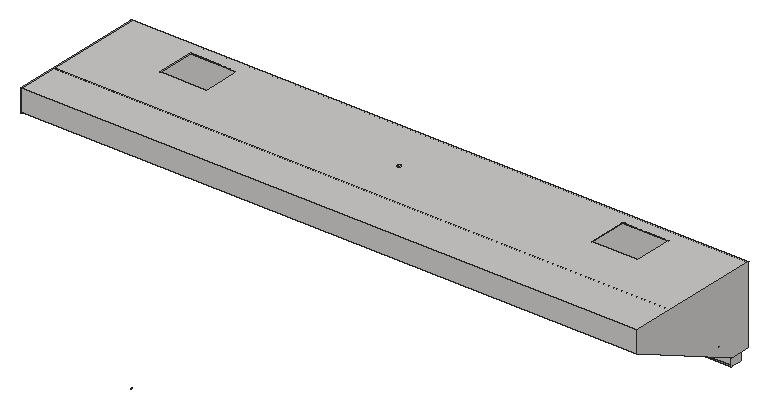
Revit family "QF_ELECTROLUXPROFESSIONAL_644190_AMPV940BT", category Specialty Equipment, Revit 2014
Reference planes
  plane 1: z = 0
  plane 2 "Center (Left/Right)": x = 150
  plane 3 "LEFT": x = -1850
  plane 4 "RIGHT": x = 2150
  plane 5 "BACK": y = 550
  plane 6 "Plane": z = 2000
  plane 7 "TOP": z = 2140
  plane 8 "Base": z = 1640
  plane 9: z = 1566
  plane 10 "DrainY": y = 485
  plane 11: x = -1847
  plane 12: through (0, 414.509, 1640.8) normal (0, 0.7314, 0.682)
  plane 13: y = 470
  plane 14: y = 220
  plane 15 "DrainX": x = 2030
  plane 16: x = -1100
  plane 17: x = 1400
  plane 18: x = -1400
  plane 19: x = 1700
  plane 20: x = 2147
  plane 21: x = 1940
  plane 22: x = 2120
  plane 23: x = -1810
  plane 24: x = -1445
  plane 25: x = -1050
  plane 26: x = 2110
  plane 27: x = 1745
  plane 28: x = 1350
  plane 29: x = -47.5
  plane 30: x = 347.5
  plane 31: y = 100
  plane 32: y = -350
Forms (mm)
  Extrusion 1, solid, material "QF_Finishes_Stainless Steel"
    sketch origin (-1850, 0, 0) x (0, 1, 0) y (0, 0, 1)
      loop
        line (550, 1640) -> (550, 2140) -> (-350, 2140) -> (-350, 1999.112) -> (413.973, 1640) -> (550, 1640)
    from 0 to 3
  Extrusion 2, solid, material "QF_Finishes_Stainless Steel"
    sketch origin (150, 0, 0) x (0, 1, 0) y (0, 0, 1)
      loop
        line (415.255, 1640) -> (550, 1640) -> (550, 2139.19) -> (549.2, 2139.19) -> (549.2, 1640.8) -> (415.876, 1640.8) -> (339.347, 1722.867) -> (349.609, 1732.436) -> (348.927, 1733.167) -> (337.934, 1722.917) -> (415.255, 1640)
      loop
        line (-82.203, 2139.19) -> (-82.203, 2118.6) -> (-31.047, 2118.6) -> (34.354, 2048.466) -> (46.028, 2059.352) -> (45.346, 2060.083) -> (34.403, 2049.879) -> (-30.612, 2119.6) -> (-81.203, 2119.6) -> (-81.203, 2139.19) -> (-82.203, 2139.19)
    from -1997 to 1997
  Extrusion 3, solid, material "QF_Finishes_Stainless Steel"
    sketch origin (2150, 0, 0) x (0, 1, 0) y (0, 0, 1)
      loop
        line (550, 1640) -> (550, 2140) -> (-350, 2140) -> (-350, 1999.112) -> (413.973, 1640) -> (550, 1640)
    from 0 to -3
  Extrusion 4, solid, material "QF_Finishes_Stainless Steel"
    sketch origin (150, 0, 0) x (0, 1, 0) y (0, 0, 1)
      loop
        line (-350, 2140) -> (-350, 2000) -> (-349.2, 2000) -> (-349.2, 2139.19) -> (550, 2139.19) -> (550, 2140) -> (-350, 2140)
    from -2000 to 2000
  Extrusion 5, solid, material "QF_Finishes_Stainless Steel"
    sketch origin (150, 0, 0) x (0, 1, 0) y (0, 0, 1)
      loop
        line (534, 1640) -> (436, 1640) -> (436, 1627) -> (443.5, 1627) -> (443.5, 1576)
        arc (443.5, 1576) -> (446.429, 1568.929) -> (453.5, 1566) r 10
        line (453.5, 1566) -> (516.5, 1566)
        arc (516.5, 1566) -> (523.571, 1568.929) -> (526.5, 1576) r 10
        line (526.5, 1576) -> (526.5, 1627) -> (534, 1627) -> (534, 1640)
    from 1790 to 1970
  Extrusion 6, solid, material "QF_Finishes_Stainless Steel"
    sketch origin (0, 0, 1640) x (0, 1, 0) y (-1, 0, 0)
      loop
        circle (485, -2030) r 20
    from -76 to -74
  Extrusion 7, solid, material "QF_Finished_Chrome"
    sketch origin (150, 0, 0) x (0, 1, 0) y (0, 0, 1)
      loop
        line (337.934, 1722.917) -> (341.591, 1726.327) -> (38.011, 2051.876) -> (34.354, 2048.466) -> (337.934, 1722.917)
    from -1595 to -1960
  Extrusion 8, solid, material "QF_Finished_Chrome"
    sketch origin (150, 0, 0) x (0, 1, 0) y (0, 0, 1)
      loop
        line (337.934, 1722.917) -> (341.591, 1726.327) -> (38.011, 2051.876) -> (34.354, 2048.466) -> (337.934, 1722.917)
    from -197.5 to -1200
  Extrusion 9, solid, material "QF_Finishes_Stainless Steel"
    sketch origin (150, 0, 0) x (0, 1, 0) y (0, 0, 1)
      loop
        line (337.934, 1722.917) -> (341.591, 1726.327) -> (38.011, 2051.876) -> (34.354, 2048.466) -> (337.934, 1722.917)
    from 1997 to 1960
  Extrusion 10, solid, material "QF_Finishes_Stainless Steel"
    sketch origin (150, 0, 0) x (0, 1, 0) y (0, 0, 1)
      loop
        line (341.588, 1726.324) -> (38.009, 2051.874) -> (34.354, 2048.466) -> (337.934, 1722.917) -> (341.588, 1726.324)
    from -1595 to -1200
  Extrusion 11, solid, material "QF_Finished_Chrome"
    sketch origin (150, 0, 0) x (0, 1, 0) y (0, 0, 1)
      loop
        line (341.588, 1726.324) -> (38.009, 2051.874) -> (34.354, 2048.466) -> (337.934, 1722.917) -> (341.588, 1726.324)
    from 1595 to 1960
  Extrusion 12, void
    sketch origin (0, 0, 2140) x (0, 1, 0) y (-1, 0, 0)
      loop
        line (470, 1400) -> (220, 1400) -> (220, 1100) -> (470, 1100) -> (470, 1400)
    from 0 to -10
  Extrusion 13, void
    sketch origin (940, 0, 2140) x (0, 1, 0) y (-1, 0, 0)
      loop
        line (470, -460) -> (220, -460) -> (220, -760) -> (470, -760) -> (470, -460)
    from 0 to -10
  Extrusion 14, solid, material "QF_Finishes_Stainless Steel"
    sketch origin (0, 0, 0) x (1, 0, 0) y (0, 1, 0)
      loop
        line (-1850, 550) -> (-1850, 549) -> (-1849, 549) -> (-1849, 550) -> (-1850, 550)
    from 0 to 1
  Extrusion 15, solid, material "QF_Finishes_Stainless Steel"
    sketch origin (150, 0, 0) x (0, 1, 0) y (0, 0, 1)
      loop
        line (337.934, 1722.917) -> (341.591, 1726.327) -> (38.011, 2051.876) -> (34.354, 2048.466) -> (337.934, 1722.917)
    from -1960 to -1997
  Extrusion 16, solid, material "QF_Finishes_Stainless Steel"
    sketch origin (150, 0, 0) x (0, 1, 0) y (0, 0, -1)
      loop
        line (341.588, -1726.324) -> (337.934, -1722.917) -> (34.354, -2048.466) -> (38.009, -2051.874) -> (341.588, -1726.324)
    from -1595 to -1200
  Extrusion 17, solid, material "QF_Finished_Chrome"
    sketch origin (150, 0, 0) x (0, 1, 0) y (0, 0, 1)
      loop
        line (337.934, 1722.917) -> (341.591, 1726.327) -> (38.011, 2051.876) -> (34.354, 2048.466) -> (337.934, 1722.917)
    from 1200 to 197.5
  Extrusion 18, solid, material "QF_Finishes_Stainless Steel"
    sketch origin (150, 0, 0) x (0, 1, 0) y (0, 0, -1)
      loop
        line (341.588, -1726.324) -> (337.934, -1722.917) -> (34.354, -2048.466) -> (38.009, -2051.874) -> (341.588, -1726.324)
    from -197.5 to 197.5
  Extrusion 19, solid, material "QF_Finishes_Stainless Steel"
    sketch origin (0, 0, 2140) x (0, 1, 0) y (-1, 0, 0)
      loop
        circle (220, -150) r 10
    from 0 to 1.6
Cuts and joins
  Extrusion 12, Extrusion 13 cuts Extrusion 4
  joined: Extrusion 2, Extrusion 4
Lines and regions (mm)
  reference lines
    curve 1: line (150, 34.354, 2048.466) -> (150, 34.354, 1888.466)
  symbolic lines, style "SpecialityEquipment", detail levels coarse
    curve 2: line (2150, 550, 2140) -> (-1850, 550, 2140)
    curve 3: line (-1850, 550, 2140) -> (-1850, -350, 2140)
    curve 4: line (2150, -350, 2140) -> (2150, 550, 2140)
    curve 5: line (-1850, -350, 2140) -> (2150, -350, 2140)
    curve 6: line (-1400, 220, 2140) -> (-1100, 220, 2140)
    curve 7: line (-1400, 470, 2140) -> (-1400, 220, 2140)
    curve 8: line (-1100, 470, 2140) -> (-1400, 470, 2140)
    curve 9: line (-1100, 220, 2140) -> (-1100, 470, 2140)
    curve 10: line (1400, 470, 2140) -> (1400, 220, 2140)
    curve 11: line (1400, 220, 2140) -> (1700, 220, 2140)
    curve 12: line (1700, 470, 2140) -> (1400, 470, 2140)
    curve 13: line (1700, 220, 2140) -> (1700, 470, 2140)
  symbolic lines, detail levels coarse
    curve 14: line (-1850, -350, 0) -> (2150, 550, 0)
    curve 15: line (-1850, 550, 0) -> (2150, -350, 0)
Dimensions and locks
  plane 3 "LEFT" to plane 4 "RIGHT" = 4000 mm
  equal spacing: plane 3 "LEFT", plane 2 "Center (Left/Right)", plane 4 "RIGHT"
  locked: plane 6 "Plane" to level at 2000
  plane 7 "TOP" to plane 6 "Plane" = 140 mm
  locked: plane 7 "TOP" to plane 8 "Base" at 500
  plane 8 "Base" to plane 9 = 74 mm
  plane 5 "BACK" to plane 10 "DrainY" = 65 mm  (x2)
  plane 3 "LEFT" to plane 11 = 3 mm
  plane 5 "BACK" to plane 13 = 80 mm
  plane 13 to plane 14 = 250 mm  (x2)
  plane 15 "DrainX" to plane 4 "RIGHT" = 120 mm
  locked: plane 16 to plane 17 at 2500
  equal spacing: plane 16, plane 2 "Center (Left/Right)", plane 17
  plane 18 to plane 16 = 300 mm
  plane 17 to plane 19 = 300 mm
  plane 20 to plane 4 "RIGHT" = 3 mm
  locked: plane 21 to plane 15 "DrainX" at 90
  locked: plane 15 "DrainX" to plane 22 at 90
  plane 13 to plane 5 "BACK" = 80 mm
  locked: plane 3 "LEFT" to plane 23 at 40
  locked: plane 23 to plane 24 at 365
  locked: plane 24 to plane 25 at 395
  locked: plane 26 to plane 27 at 365
  locked: plane 27 to plane 28 at 395
  locked: plane 26 to plane 4 "RIGHT" at 40
  locked: plane 29 to plane 30 at 395
  equal spacing: plane 29, plane 2 "Center (Left/Right)", plane 30
  plane 25 to plane 29 = 1002.5 mm
  plane 30 to plane 28 = 1002.5 mm
  plane 5 "BACK" to plane 32 = 900 mm  (x2)
  equal spacing: plane 5 "BACK", plane 31, plane 32
  aligned and locked: level to plane 1
  aligned and locked: Extrusion 2 to Extrusion 1
  aligned and locked: Extrusion 2 to Extrusion 3
  aligned and locked: plane 4 "RIGHT" to Extrusion 4
  aligned and locked: Extrusion 4 to plane 3 "LEFT"
  aligned and locked: plane 20 to Extrusion 9
  aligned and locked: plane 18 to Extrusion 12
  aligned and locked: Extrusion 12 to plane 16
  aligned and locked: Extrusion 12 to plane 14
  aligned and locked: Extrusion 12 to plane 13
  aligned and locked: Extrusion 13 to plane 19
  aligned and locked: plane 17 to Extrusion 13
  aligned and locked: Extrusion 2 to Extrusion 4
  aligned and locked: plane 22 to Extrusion 5
  aligned and locked: Extrusion 5 to plane 21
  aligned and locked: Extrusion 9 to plane 26
  aligned and locked: Extrusion 11 to plane 26
  aligned and locked: Extrusion 11 to plane 27
  aligned and locked: Extrusion 8 to plane 25
  aligned and locked: plane 25 to Extrusion 10
  aligned and locked: Extrusion 10 to plane 24
  aligned and locked: plane 24 to Extrusion 7
  aligned and locked: Extrusion 7 to plane 23
  aligned and locked: Extrusion 15 to plane 11
  aligned and locked: plane 23 to Extrusion 15
  aligned and locked: Extrusion 16 to plane 28
  aligned and locked: Extrusion 16 to plane 27
  aligned and locked: Extrusion 3 to plane 20
  aligned and locked: plane 29 to Extrusion 8
  aligned and locked: Extrusion 17 to plane 28
  aligned and locked: Extrusion 17 to plane 30
  aligned and locked: plane 30 to Extrusion 18
  aligned and locked: Extrusion 18 to plane 29
Automatic sketch dimensions
  curve 5 to plane 3 "LEFT" = 0 mm
  curve 9 to plane 14 = 0 mm
  curve 10 to plane 14 = 0 mm
  plane 13 to curve 8 = 0 mm
  plane 13 to curve 12 = 0 mm
  curve 3 to plane 5 "BACK" = 0 mm
  curve 5 to plane 4 "RIGHT" = 0 mm
  curve 11 to plane 19 = 0 mm
  curve 10 to plane 17 = 0 mm
  curve 6 to plane 16 = 0 mm
  curve 6 to plane 18 = 0 mm
  Extrusion 2 sketch curve to plane 12 = 0 mm  (x3)
  Extrusion 2 sketch curve to plane 8 "Base" = 0 mm
  plane 12 to Extrusion 2 sketch curve = 0 mm
  Extrusion 2 sketch curve to plane 5 "BACK" = 0 mm
  Extrusion 2 sketch curve to Extrusion 2 sketch curve = 65.646 mm
  Extrusion 2 sketch curve to Extrusion 2 sketch curve = 0.682 mm  (x2)
  Extrusion 2 sketch curve to Extrusion 2 sketch curve = 10.261 mm
  plane 8 "Base" to Extrusion 2 sketch curve = 82.917 mm
  Extrusion 2 sketch curve to Extrusion 2 sketch curve = 10.942 mm
  Extrusion 2 sketch curve to Extrusion 2 sketch curve = 0.049 mm
  Extrusion 2 sketch curve to plane 7 "TOP" = 20.4 mm
  Extrusion 2 sketch curve to plane 7 "TOP" = 21.4 mm
  Extrusion 2 sketch curve to plane 7 "TOP" = 0.81 mm  (x2)
  Extrusion 2 sketch curve to Extrusion 2 sketch curve = 50.156 mm
  Extrusion 2 sketch curve to Extrusion 2 sketch curve = 1 mm
  plane 8 "Base" to Extrusion 2 sketch curve = 0.8 mm
  Extrusion 2 sketch curve to plane 5 "BACK" = 0.8 mm
  Extrusion 3 sketch curve to plane 8 "Base" = 0 mm
  Extrusion 3 sketch curve to plane 5 "BACK" = 0 mm
  Extrusion 3 sketch curve to plane 7 "TOP" = 0 mm
  plane 13 to Extrusion 3 sketch curve = 56.027 mm
  Extrusion 4 sketch curve to plane 6 "Plane" = 0 mm
  Extrusion 4 sketch curve to plane 5 "BACK" = 0 mm
  Extrusion 4 sketch curve to plane 7 "TOP" = 0 mm
  Extrusion 4 sketch curve to plane 7 "TOP" = 0.81 mm
  curve 1 to plane 12 = 0 mm
  curve 1 to plane 6 "Plane" = 111.534 mm
  Extrusion 5 sketch curve to plane 8 "Base" = 0 mm
  Extrusion 5 sketch curve to plane 9 = 0 mm
  Extrusion 5 sketch curve to plane 8 "Base" = 13 mm  (x2)
  plane 13 to Extrusion 5 sketch curve = 34 mm
  Extrusion 5 sketch curve to Extrusion 5 sketch curve = 7.5 mm  (x2)
  Extrusion 5 sketch curve to Extrusion 5 sketch curve = 10 mm
  plane 10 "DrainY" to Extrusion 5 sketch curve = 31.5 mm
  Extrusion 5 sketch curve to plane 5 "BACK" = 23.5 mm
  Extrusion 6 sketch curve to plane 10 "DrainY" = 0 mm
  Extrusion 6 sketch curve to plane 15 "DrainX" = 0 mm
  Extrusion 7 sketch curve to plane 12 = 0 mm  (x2)
  Extrusion 7 sketch curve to Extrusion 7 sketch curve = 3.657 mm
  plane 8 "Base" to Extrusion 7 sketch curve = 82.917 mm
  Extrusion 8 sketch curve to plane 12 = 0 mm  (x2)
  Extrusion 8 sketch curve to Extrusion 8 sketch curve = 3.657 mm
  plane 8 "Base" to Extrusion 8 sketch curve = 82.917 mm
  Extrusion 9 sketch curve to plane 12 = 0 mm  (x2)
  Extrusion 9 sketch curve to Extrusion 9 sketch curve = 3.657 mm
  plane 8 "Base" to Extrusion 9 sketch curve = 82.917 mm
  Extrusion 10 sketch curve to plane 12 = 0 mm  (x2)
  Extrusion 10 sketch curve to Extrusion 10 sketch curve = 3.655 mm
  plane 8 "Base" to Extrusion 10 sketch curve = 82.917 mm
  Extrusion 11 sketch curve to plane 12 = 0 mm  (x2)
  Extrusion 11 sketch curve to Extrusion 11 sketch curve = 3.655 mm
  plane 8 "Base" to Extrusion 11 sketch curve = 82.917 mm
  Extrusion 12 sketch curve to plane 14 = 0 mm
  plane 13 to Extrusion 12 sketch curve = 0 mm
  Extrusion 12 sketch curve to plane 16 = 0 mm
  Extrusion 12 sketch curve to plane 18 = 0 mm
  Extrusion 13 sketch curve to plane 14 = 0 mm
  plane 13 to Extrusion 13 sketch curve = 0 mm
  Extrusion 13 sketch curve to plane 19 = 0 mm
  Extrusion 13 sketch curve to plane 17 = 0 mm
  Extrusion 14 sketch curve to plane 3 "LEFT" = 0 mm
  Extrusion 14 sketch curve to plane 5 "BACK" = 0 mm
  plane 3 "LEFT" to Extrusion 14 sketch curve = 1 mm
  Extrusion 14 sketch curve to Extrusion 14 sketch curve = 1 mm
  Extrusion 15 sketch curve to plane 12 = 0 mm  (x2)
  Extrusion 15 sketch curve to Extrusion 15 sketch curve = 3.657 mm
  plane 8 "Base" to Extrusion 15 sketch curve = 82.917 mm
  Extrusion 16 sketch curve to plane 12 = 0 mm  (x2)
  Extrusion 16 sketch curve to Extrusion 16 sketch curve = 3.655 mm
  plane 8 "Base" to Extrusion 16 sketch curve = 82.917 mm
  Extrusion 17 sketch curve to plane 12 = 0 mm  (x2)
  Extrusion 17 sketch curve to Extrusion 17 sketch curve = 3.657 mm
  plane 8 "Base" to Extrusion 17 sketch curve = 82.917 mm
  Extrusion 18 sketch curve to plane 12 = 0 mm  (x2)
  Extrusion 18 sketch curve to Extrusion 18 sketch curve = 3.655 mm
  plane 8 "Base" to Extrusion 18 sketch curve = 82.917 mm
  Extrusion 4 sketch curve to Extrusion 4 sketch curve = 0.8 mm
  curve 5 to plane 14 = 570 mm
  plane 6 "Plane" to Extrusion 2 sketch curve = 48.466 mm
  Extrusion 4 sketch curve to plane 14 = 569.2 mm
  curve 1 to plane 14 = 185.646 mm
  plane 6 "Plane" to Extrusion 7 sketch curve = 51.876 mm
  plane 6 "Plane" to Extrusion 8 sketch curve = 51.876 mm
  plane 6 "Plane" to Extrusion 9 sketch curve = 51.876 mm
  plane 6 "Plane" to Extrusion 10 sketch curve = 51.874 mm
  plane 6 "Plane" to Extrusion 11 sketch curve = 51.874 mm
  plane 6 "Plane" to Extrusion 15 sketch curve = 51.876 mm
  plane 6 "Plane" to Extrusion 16 sketch curve = 51.874 mm
  plane 6 "Plane" to Extrusion 17 sketch curve = 51.876 mm
  plane 6 "Plane" to Extrusion 18 sketch curve = 51.874 mm
  Extrusion 1 sketch curve to plane 32 = 0 mm
  Extrusion 1 sketch curve to plane 8 "Base" = 0 mm
  Extrusion 1 sketch curve to plane 5 "BACK" = 0 mm
  Extrusion 1 sketch curve to plane 7 "TOP" = 0 mm
  plane 13 to Extrusion 1 sketch curve = 56.027 mm
  Extrusion 1 sketch curve to plane 6 "Plane" = 0.888 mm
  Extrusion 3 sketch curve to plane 32 = 0 mm
  Extrusion 3 sketch curve to plane 6 "Plane" = 0.888 mm
  curve 15 to plane 3 "LEFT" = 0 mm
  curve 14 to plane 3 "LEFT" = 0 mm
  curve 15 to plane 4 "RIGHT" = 0 mm
  curve 14 to plane 4 "RIGHT" = 0 mm
  curve 15 to plane 32 = 0 mm
  curve 14 to plane 32 = 0 mm
  curve 15 to plane 5 "BACK" = 0 mm
  curve 14 to plane 5 "BACK" = 0 mm
  Extrusion 19 sketch curve to plane 2 "Center (Left/Right)" = 0 mm
  Extrusion 19 sketch curve to plane 14 = 0 mm
  radius of Extrusion 6 sketch curve = 20 mm
  radius of Extrusion 19 sketch curve = 10 mm
Connectors
  piping at (2030, 485, 1564), diameter 20
    settings: on Extrusion 6, index 1, connector inside diameter 609.6 mm, connector length 0 mm, flow factor 0, pipe flow 0.0 L/s, pressure drop 0.0 Pa, fitting loss kfactor 0, connector angle 0.00°, fixture units 0, engagement length 0 mm, angle of deflection 0.00°, flow configuration 1, flow direction 2, fitting loss method 0, system type 16, joint type 0, gender type 0, connector reference index -1, connector utility 0, adjustable connector no, is connector primary yes, connector description "Drain"
  hvac at (-1250, 345, 2140)
    settings: on Extrusion 12, index 2, duct flow 0.0 L/s, flow factor 0, pres drop 0.0 Pa, loss coef 0, conn angle 0.00°, conn width 250 mm, conn height 300 mm, conn diameter 609.6 mm, duct sys type 3, conn prof type 1, flow config 1, flow direction 2, loss method 0, conn ref index -1, conn util no, is conn primary yes, conn desc "EXHAUST OUTLET"
  hvac at (1550, 345, 2140)
    settings: on Extrusion 13, index 3, duct flow 0.0 L/s, flow factor 0, pres drop 0.0 Pa, loss coef 0, conn angle 0.00°, conn width 250 mm, conn height 300 mm, conn diameter 609.6 mm, duct sys type 3, conn prof type 1, flow config 1, flow direction 2, loss method 0, conn ref index -1, conn util no, is conn primary no, conn desc "EXHAUST OUTLET"
  electrical at (150, 220, 2141.6)
    settings: on Extrusion 19, index 4, voltage 0 V, apparent load 0 VA, apparent load phase1 0 VA, apparent load phase2 0 VA, apparent load phase3 0 VA, power factor 1, load classification "Other", number of poles 1, system type 30, power factor state 1, is connector primary yes, connector utility no, sub classification motor no, connector description "Electrical Connection"
